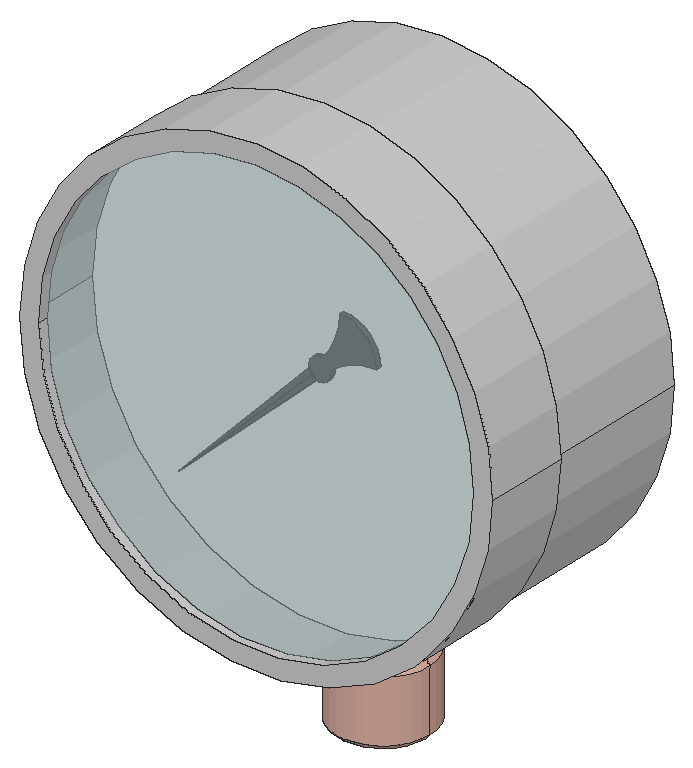
Revit family "РОСМА_МанометрСтандартногоИсполнения_М2", category Арматура трубопроводов, Revit 2018
Family settings
  Размер круглого соединителя = Использовать диаметр
  Тип детали = Вставляется
  На основе рабочей плоскости = Нет
  Всегда вертикально = Да
  При загрузке вырезать с полостями = Нет
  Общий = Нет
Parameters (values of type "ТМ-510Р")
  Техническая документация = "ТУ 4212-001-4719015564-2008; ГОСТ 2405–88"  # constant formula
  Таблица поиска = "Манометр стандартного исполнения М2"  # constant formula
  Счетчик списка [instance] = if(Диапазон давлений = Давление01, 1, if(Диапазон давлений = Давление02, 2, if(Диапазон давлений = Давление03, 3, if(Диапазон давлений = Давление04, 4, if(Диапазон давлений = Давление05, 5, if(Диапазон давлений = Давление06, 6, if(Диапазон давлений = Давление07, 7, if(Диапазон давлений = Давление08, 8, 9))))))))  # 2
  Присоединение = "Радиальное"
  Описание = "Манометр показывающий ТМ серия 10, модель 2,  стандартного исполнения с облегченным штуцером, рекомендована для объектов ЖКХ"  # constant formula
  МетрРезьба [instance] = if(Метрическа резьба, 1, 0)  # 1
  Межповерочный интервал = "2 года"  # constant formula
  Код IP = "IP40"
  Климатическое исполнение = "Группа В3; климат. исполн. УХЛ кат. 3.1 "  # constant formula
  Класс точности = "1.5"
  Изготовитель = "ЗАО \"РОСМА\""
  Метрическа резьба [instance] = not(Дюймовая резьба)  # yes
  Дюймовая резьба [instance] = no
  Ду [instance] = DN  # 15 mm
  Диапазон раб. температур окр. среды = "от -60°С до +60°С"  # constant formula
  Диапазон раб. температур измер. среды = "от -50°С до +150°С"  # constant formula
  G = 20 mm
  Dполости_переднСт = D2 - 6 mm  # 92 mm
  Drezba [instance] = if(Метрическа резьба, "M20", "G1/2")  # "M20"
  DN = 15.00 mm
  Длина стрелки [instance] = 40 mm  # constant formula
  Диапазон давлений [instance] = ‎ : ТМ 0…0,4МПа
  Давление08 = ‎ : ТМ 0…6МПа
  Давление07 = ‎ : ТМ 0…4МПа
  Давление06 = ‎ : ТМ 0…2,5МПа
  Давление05 = ‎ : ТМ 0…1,6МПа
  Давление04 = ‎ : ТМ 0…1,0МПа
  Давление03 = ‎ : ТМ 0…0,6МПа
  Давление02 = ‎ : ТМ 0…0,4МПа
  Давление01 = ‎ : ТМ 0…0,25МПа
  Группа модели = "Оборудование"
  h = 74 mm
  f = 11 mm
  e = 20 mm
  b = 34 mm
  URL = "https://rosma.spb.ru/manometers/standartnoe_ispolnenie_model_2/"
  Table = "спец_10серия_М2"  # constant formula
  S = 14 mm
  Rg2 [instance] = S / 2 + 6 mm  # 13 mm
  Rg1 [instance] = S / 2 + 2 mm  # 9 mm
  R_лого = 0 mm
  R2_шкала = D / 2 - 10 mm  # 40 mm
  R1_шкала = D / 2 - 9 mm  # 41 mm
  Lrezba = 15 mm
  Lgol = 2 mm
  h гайки = 10 mm
  Dgol [instance] = G - 2 mm  # 18 mm
  Ddempfer [instance] = 6 mm  # constant formula
  D2 = 98 mm
  D1 = 100 mm
  D = 100 mm
  Copyright = "EPICON"  # constant formula
  Author (e-mail) = "project@epicon.biz"  # constant formula
  ADSK_Примечание [instance] = ""
  ADSK_Позиция [instance] = ""
  ADSK_Наименование [instance] = size_lookup(Table, "ADSK_Наименование", "Нет в каталоге", Счетчик списка)  # "Манометр ТМ серия 10 модель 2"
  ADSK_Масса_Текст [instance] = "0,27"  # constant formula
  ADSK_Марка [instance] = size_lookup(Table, "ADSK_Марка", "Нет в каталоге", Счетчик списка, МетрРезьба)  # "ТМ-510P.00(0-0,4МРа)М20x1,5.1,5.M2"
  ADSK_Количество = 1  # constant formula
  ADSK_Код изделия [instance] = " "
  ADSK_Завод-изготовитель [instance] = size_lookup(Table, "ADSK_Завод-изготовитель", "Нет в каталоге", Счетчик списка)  # "ЗАО \"РОСМА\""
  ADSK_Единица измерения = "шт."
Reference planes
  plane 1 "По центру (Вперед/Назад)": y = 0
  plane 2: z = 0
  plane 3 "По центру (Влево/Вправо)": x = 0
  plane 4 "b1": y = 15.6
  plane 5 "f2": y = -33.4
  plane 6 "f1": y = -15.6
  plane 7: z = 77
  plane 8 "стекло": y = -31.4
  plane 9 "Табло": y = -16.6
  plane 10 "sr": x = 7
  plane 11 "sl": x = -7
  plane 12 "sb": y = 7
  plane 13 "sf": y = -7
  plane 14 "низкорпуса": z = 10
  plane 15: z = -15
  plane 16: z = -17
Forms (mm)
  Extrusion 1, solid, material "_Медь", detail levels fine
    sketch origin (0, 0, 10) x (-1, 0, 0) y (0, -1, 0)
      loop
        line (7, -7) -> (7, 7) -> (-7, 7) -> (-7, -7) -> (7, -7)
    from 0 to -10
  Extrusion 2, void
    sketch origin (0, 0, 10) x (-1, 0, 0) y (0, -1, 0)
      loop
        circle (0, 0) r 9
      loop
        circle (0, 0) r 13
    from 0 to -10
  Extrusion 3, solid, material "_Медь", detail levels fine
    sketch origin (0, 0, 10) x (-1, 0, 0) y (0, -1, 0)
      loop
        circle (0, 0) r 10
    from -10 to -25
  Sweep 4, void
    path in 3D
      loop
        arc (-10, 0, -15) -> (0, -10, -15) -> (10, 0, -15) r 10
        arc (10, 0, -15) -> (0, 10, -15) -> (-10, 0, -15) r 10
    profile origin (0, 10, -15) x (0, 1, 0) y (0, 0, -1)
      loop
        line (0, 0) -> (-1.016, 0) -> (0, -1.016) -> (0, 0)
  Sweep 5, void
    path in 3D
      loop
        arc (-10, 0, 0) -> (0, 10, 0) -> (10, 0, 0) r 10
        arc (10, 0, 0) -> (0, -10, 0) -> (-10, 0, 0) r 10
    profile origin (0, -10, 0) x (0, -1, 0) y (0, 0, 1)
      loop
        line (0, 0) -> (-1, 0) -> (0, -1) -> (0, 0)
  Extrusion 6, solid, material "_Медь", detail levels fine
    sketch origin (-21.391, -1524, 2) x (-1, 0, 0) y (0, -1, 0)
      loop
        circle (-21.391, -1524) r 3
    from -19 to -2
Cuts and joins
  Extrusion 2, Sweep 5 cuts Extrusion 1
  Sweep 4, Sweep 5 cuts Extrusion 3
  joined: Extrusion 1, Extrusion 3
Lines and regions (mm)
  reference lines
    curve 1: circle (0, 0, 0) r 13 normal (0, 0, 1)
    curve 2: circle (0, 0, 10) r 10 normal (0, 0, 1)
  sketch lines
    curve 3: arc (10, 0, -15) -> (0, 10, -15) -> (-10, 0, -15) r 10
    curve 4: arc (-10, 0, -15) -> (0, -10, -15) -> (10, 0, -15) r 10
    curve 5: arc (10, 0, 0) -> (0, -10, 0) -> (-10, 0, 0) r 10
    curve 6: arc (-10, 0, 0) -> (0, 10, 0) -> (10, 0, 0) r 10
Dimensions and locks
  plane 5 "f2" to plane 1 "По центру (Вперед/Назад)" = 33.4 mm
  plane 1 "По центру (Вперед/Назад)" to plane 6 "f1" = 15.6 mm
  plane 4 "b1" to plane 1 "По центру (Вперед/Назад)" = 15.6 mm
  plane 8 "стекло" to plane 5 "f2" = 2 mm
  locked: plane 6 "f1" to plane 9 "Табло" at 1
  plane 3 "По центру (Влево/Вправо)" to plane 10 "sr" = 7 mm
  plane 11 "sl" to plane 3 "По центру (Влево/Вправо)" = 7 mm
  plane 7 to plane 14 "низкорпуса" = 67 mm
  plane 7 to plane 15 = 92 mm
  "h гайки": plane 14 "низкорпуса" to plane 2
  equal spacing: plane 12 "sb", plane 1 "По центру (Вперед/Назад)", plane 13 "sf"
  equal spacing: plane 11 "sl", plane 3 "По центру (Влево/Вправо)", plane 10 "sr"
  "S": plane 11 "sl" to plane 10 "sr"
  "S": plane 12 "sb" to plane 13 "sf"
  "Lrezba": plane 2 to plane 15
  "Lgol": plane 15 to plane 16
  radius of curve 1 = 13 mm
  radius of curve 2 = 10 mm
  "Rg1": radius of Extrusion 2 sketch curve
  "Rg2": radius of Extrusion 2 sketch curve
  "G": diameter of Extrusion 3 sketch curve
  "Ddempfer": diameter of Extrusion 6 sketch curve
  aligned and locked: level to plane 2
  aligned and locked: plane 14 "низкорпуса" to cut or joined group of Extrusion 1, Extrusion 2, Extrusion 3, Sweep 4, Sweep 5
  aligned and locked: plane 14 "низкорпуса" to Extrusion 2
  aligned and locked: Extrusion 2 to Extrusion 1
  aligned and locked: cut or joined group of Extrusion 1, Extrusion 2, Extrusion 3, Sweep 4, Sweep 5 to plane 15
  aligned and locked: plane 2 to cut or joined group of Extrusion 1, Extrusion 2, Extrusion 3, Sweep 4, Sweep 5
  aligned and locked: Extrusion 6 to plane 16
  aligned and locked: cut or joined group of Extrusion 1, Extrusion 2, Extrusion 3, Sweep 4, Sweep 5 to plane 2
  aligned and locked: plane 3 "По центру (Влево/Вправо)" to nested 1
  aligned and locked: plane 1 "По центру (Вперед/Назад)" to nested 1
  aligned and locked: plane 2 to Extrusion 6
  aligned and locked: plane 10 "sr" to Extrusion 1
  aligned and locked: Extrusion 1 to plane 13 "sf"
  aligned and locked: Extrusion 1 to plane 11 "sl"
  aligned and locked: plane 12 "sb" to Extrusion 1
  aligned and locked: plane 3 "По центру (Влево/Вправо)" to nested 2
  aligned and locked: plane 1 "По центру (Вперед/Назад)" to nested 2
Automatic sketch dimensions
  plane 1 "По центру (Вперед/Назад)" to curve 1 = 0 mm
  curve 1 to plane 3 "По центру (Влево/Вправо)" = 0 mm
  plane 10 "sr" to Extrusion 1 sketch curve = 0 mm
  Extrusion 1 sketch curve to plane 11 "sl" = 0 mm
  Extrusion 1 sketch curve to plane 12 "sb" = 0 mm
  Extrusion 1 sketch curve to plane 13 "sf" = 0 mm
  plane 1 "По центру (Вперед/Назад)" to curve 2 = 0 mm
  curve 2 to plane 3 "По центру (Влево/Вправо)" = 0 mm
  profile plane to Sweep 4 sketch curve = 0 mm
  Sweep 4 sketch curve to profile plane = 0 mm
  profile plane to Sweep 4 sketch curve = 1.016 mm
  Sweep 4 sketch curve to profile plane = 1.016 mm
  Sweep 5 sketch curve to profile plane = 0 mm  (x2)
  profile plane to Sweep 5 sketch curve = 1 mm
  Sweep 5 sketch curve to profile plane = 1 mm
  Extrusion 2 sketch curve to Extrusion 2 sketch curve = 0 mm  (x2)
  plane 1 "По центру (Вперед/Назад)" to Extrusion 2 sketch curve = 0 mm
  Extrusion 2 sketch curve to plane 3 "По центру (Влево/Вправо)" = 0 mm
  plane 1 "По центру (Вперед/Назад)" to Extrusion 3 sketch curve = 0 mm
  Extrusion 3 sketch curve to plane 3 "По центру (Влево/Вправо)" = 0 mm
  plane 1 "По центру (Вперед/Назад)" to Extrusion 6 sketch curve = 0 mm
  Extrusion 6 sketch curve to plane 3 "По центру (Влево/Вправо)" = 0 mm
Nested families
  nested 1: "Корпус манометра_ТМ510-М2" at (0, 0, 59), D1 <- "D1", D2 <- "D2", Диаметр полости <- "D2", R1_шкала <- "R1_шкала", R2_шкала <- "R2_шкала", Длина стрелки <- "Длина стрелки", Dполости_переднСт <- "Dполости_переднСт", type "ТМ-510P", detail levels fine
    with Угол раскрытия 0.00°, Длина стрелки 40 mm, Диаметр полости 98 mm, R_лого 21.217 mm, R2_шкала 40 mm, R1_шкала 41 mm, N2_шкала 0, N1_шкала 0, Dполости_переднСт 92 mm, D2 98 mm, D1 100 mm
  nested 2: "DAA_УГО_МанометрПоказывающий_ГОСТ21.208-2013" at (0, 0, 0), type "DAA_УГО_МанометрПоказывающий_ГОСТ21.208-2013", detail levels coarse+medium
Connectors
  piping at (0, 0, 0), diameter 15, driven by "DN"
    settings: on Extrusion 6, index 1, connector inside diameter 609.6 mm, connector length 0 mm, flow factor 0, pipe flow 0.0 L/s, pressure drop 0 MPa, fitting loss kfactor 0, connector angle 0.00°, fixture units 0, engagement length 0 mm, angle of deflection 0.00°, flow configuration 0, flow direction 0, fitting loss method 0, system type 7, joint type 0, gender type 0, connector reference index -1, connector utility 0, adjustable connector no, is connector primary yes, connector description ""
Definition of nested family "Корпус манометра_ТМ510-М2"
  Parameters (values of type "ТМ-510P")
    блок = 3 mm
    Угол раскрытия [instance] = 0.00°
    Description = ""
    Материал корпуса [instance] = none
    Manufacturer = ""
    Длина стрелки [instance] = 30.999 mm
    Диаметр полости [instance] = 88 mm
    Model = ""
    URL = ""
    R_лого [instance] = 23 mm
    R2_шкала [instance] = 35 mm
    N2_шкала [instance] = 9
    N1_шкала [instance] = 89
    Dполости_переднСт [instance] = 82 mm
    D2 [instance] = 98 mm
    D1 [instance] = 100 mm
    Copyright = "ЭПИКОН"  # constant formula
    Author (e-mail) = "https://epicon.biz"  # constant formula
    R1_шкала [instance] = 36 mm
  Reference planes
    plane 1 "По центру (Вперед/Назад)": y = 0
    plane 2: z = 0
    plane 3 "По центру (Влево/Вправо)": x = 0
    plane 4 "b1": y = 15.6
    plane 5 "f2": y = -33.4
    plane 6 "f1": y = -15.6
    plane 7: z = 71
    plane 8 "стекло": y = -31.4
    plane 9 "Табло": y = -16.6
    plane 10 "sr": x = 11
    plane 11 "sl": x = -11
    plane 12 "sb": y = 11
    plane 13 "sf": y = -11
    plane 14: z = -49
    plane 15: through (-2.116, -1524, -0.789) normal (0.7071, 0, 0.7071)
    plane 16: through (0, -1524, 0) normal (0.7071, 0, -0.7071)
    plane 17: through (0, -1524, 0) normal (0.7071, 0, -0.7071)
    plane 18: through (-26.127, -1524, -20.617) normal (0.7071, 0, 0.7071)
    plane 19: y = 15.6
  Forms (mm)
    Extrusion 1, void
      sketch origin (-603.868, 0, -179.968) x (1, 0, 0) y (0, 0, 1)
        loop
          circle (603.868, 179.968) r 44
      from 15.6 to 31.4
    Extrusion 2, solid, detail levels fine
      sketch origin (-355.068, -31.4, -174.854) x (-1, 0, 0) y (0, 0, 1)
        loop
          circle (-355.068, 174.854) r 44
      from 0 to 2
    Extrusion 3, solid, material <- "Материал корпуса", detail levels fine
      sketch origin (-402.089, 0, -169.881) x (1, 0, 0) y (0, 0, 1)
        loop
          circle (402.089, 169.881) r 50
      from 15.6 to 33.4
    Extrusion 4, solid, material <- "Материал корпуса", detail levels fine
      sketch origin (-312.609, 0, -285.527) x (1, 0, 0) y (0, 0, 1)
        loop
          circle (312.609, 285.527) r 49
      from -15.6 to 15.6
    Extrusion 5, solid, detail levels fine
      sketch origin (-55.684, -16.6, 0) x (-1, 0, 0) y (0, 0, 1)
        loop
          arc (-56.075, 2.339) -> (-58.877, 6.819) -> (-59.807, 12.021) r 13.923
          arc (-59.807, 12.021) -> (-65.373, 9.716) -> (-67.678, 4.15) r 7.871
          arc (-67.678, 4.15) -> (-62.461, 3.301) -> (-58.013, 0.444) r 12.998
          arc (-58.013, 0.444) -> (-54.026, -1.695) -> (-56.075, 2.339) r 2.371
      from 0 to 1
    Extrusion 6, solid
      sketch origin (0, -16.6, 0) x (-1, 0, 0) y (0, 0, 1)
        loop
          line (23.372, -23.372) -> (2.291, -0.614) -> (1.452, -1.452) -> (23.372, -23.372)
      from 0 to 1
    Extrusion 7, solid
      sketch origin (0, -16.6, 0) x (0, 0, -1) y (-1, 0, 0)
        loop
          line (23.372, 23.372) -> (1.452, 1.452) -> (2.291, 0.614) -> (23.372, 23.372)
      from 0 to 1
    Extrusion 8, void
      sketch origin (0, -16.6, 0) x (-1, 0, 0) y (0, 0, 1)
        loop
          circle (0, 0) r 41
      from -16.8 to -14.8
  Cuts and joins
    Extrusion 1, Extrusion 8 cuts Extrusion 3
  Lines and regions (mm)
    model lines
      curve 1: line (-10.444, -16.6, -32.314) -> (-10.444, -16.6, -36.783)
      curve 2: line (-10.444, -16.6, -36.783) -> (-9.365, -16.6, -36.783)
      curve 3: line (-9.365, -16.6, -36.783) -> (-9.365, -16.6, -35.492)
      curve 4: line (-9.365, -16.6, -35.492) -> (-8.314, -16.6, -35.492)
      curve 5: line (-8.536, -16.6, -32.314) -> (-10.444, -16.6, -32.314)
      curve 6: arc (-8.536, -16.6, -32.314) -> (-7.174, -16.6, -33.816) -> (-8.314, -16.6, -35.492) r 1.639
      curve 7: line (-8.659, -16.6, -33.072) -> (-9.521, -16.6, -33.072)
      curve 8: line (-9.521, -16.6, -33.072) -> (-9.521, -16.6, -34.629)
      curve 9: line (-9.521, -16.6, -34.629) -> (-8.659, -16.6, -34.629)
      curve 10: arc (-8.659, -16.6, -33.072) -> (-7.88, -16.6, -33.851) -> (-8.659, -16.6, -34.629) r 0.779
      curve 11: circle (-4.536, -16.6, -34.629) r 2.25 normal (0, 1, 0)
      curve 12: circle (-4.536, -16.6, -34.629) r 1.301 normal (0, 1, 0)
      curve 13: arc (1.582, -16.6, -33.657) -> (-0.814, -16.6, -34.562) -> (1.573, -16.6, -35.492) r 1.372
      curve 14: arc (2.212, -16.6, -36.074) -> (-1.764, -16.6, -34.55) -> (2.212, -16.6, -33.027) r 2.28
      curve 15: line (2.212, -16.6, -33.027) -> (1.582, -16.6, -33.657)
      curve 16: line (1.573, -16.6, -35.492) -> (2.212, -16.6, -36.074)
      curve 17: line (3.009, -16.6, -36.798) -> (3.009, -16.6, -32.23)
      curve 18: line (3.009, -16.6, -32.23) -> (4.131, -16.6, -32.23)
      curve 19: line (4.131, -16.6, -32.23) -> (5.406, -16.6, -34.845)
      curve 20: line (5.406, -16.6, -34.845) -> (6.738, -16.6, -32.23)
      curve 21: line (6.738, -16.6, -32.23) -> (7.781, -16.6, -32.23)
      curve 22: line (7.781, -16.6, -32.23) -> (7.781, -16.6, -36.798)
      curve 23: line (7.781, -16.6, -36.798) -> (6.81, -16.6, -36.798)
      curve 24: line (6.81, -16.6, -36.798) -> (6.81, -16.6, -34.728)
      curve 25: line (6.81, -16.6, -34.728) -> (5.87, -16.6, -36.233)
      curve 26: line (5.87, -16.6, -36.233) -> (4.982, -16.6, -36.233)
      curve 27: line (4.982, -16.6, -36.233) -> (4.057, -16.6, -34.693)
      curve 28: line (4.057, -16.6, -34.693) -> (4.057, -16.6, -36.798)
      curve 29: line (4.057, -16.6, -36.798) -> (3.009, -16.6, -36.798)
      curve 30: line (8.269, -16.6, -36.798) -> (9.472, -16.6, -32.311)
      curve 31: line (9.472, -16.6, -32.311) -> (10.923, -16.6, -32.311)
      curve 32: line (10.923, -16.6, -32.311) -> (12.125, -16.6, -36.798)
      curve 33: line (12.125, -16.6, -36.798) -> (11.153, -16.6, -36.798)
      curve 34: line (11.153, -16.6, -36.798) -> (10.802, -16.6, -35.654)
      curve 35: line (10.802, -16.6, -35.654) -> (9.607, -16.6, -35.654)
      curve 36: line (9.607, -16.6, -35.654) -> (9.256, -16.6, -36.798)
      curve 37: line (9.256, -16.6, -36.798) -> (8.269, -16.6, -36.798)
      curve 38: line (9.706, -16.6, -34.625) -> (10.67, -16.6, -34.625)
      curve 39: line (10.67, -16.6, -34.625) -> (10.225, -16.6, -33.177)
      curve 40: line (10.225, -16.6, -33.177) -> (9.706, -16.6, -34.625)
      curve 41: arc (0.05, -16.6, -20.481) -> (-2.756, -16.6, -24.929) -> (2.057, -16.6, -27.047) r 3.471
      curve 42: arc (0.012, -16.6, -18.243) -> (-4.858, -16.6, -25.89) -> (3.788, -16.6, -28.617) r 5.715
      curve 43: line (3.788, -16.6, -28.617) -> (2.057, -16.6, -27.047)
      curve 44: line (0.05, -16.6, -20.481) -> (0.05, -16.6, -21.703)
      curve 45: line (0.05, -16.6, -21.703) -> (2.924, -16.6, -19.291)
      curve 46: line (2.924, -16.6, -19.291) -> (0.05, -16.6, -16.879)
      curve 47: line (0.05, -16.6, -16.879) -> (0.012, -16.6, -18.243)
      curve 48: arc (3.708, -16.6, -18.164) -> (7.598, -16.6, -21.093) -> (4.989, -16.6, -25.205) r 3.59
      curve 49: arc (4.413, -16.6, -20.51) -> (5.311, -16.6, -21.776) -> (4.357, -16.6, -23) r 1.3
      curve 50: line (3.708, -16.6, -18.164) -> (5, -16.6, -19.328)
      curve 51: line (5, -16.6, -19.328) -> (3.657, -16.6, -20.496)
      curve 52: line (3.657, -16.6, -20.496) -> (4.413, -16.6, -20.51)
      curve 53: line (4.357, -16.6, -23) -> (1.055, -16.6, -23)
      curve 54: line (1.055, -16.6, -23) -> (0.258, -16.6, -23.797)
      curve 55: line (0.258, -16.6, -23.797) -> (5.967, -16.6, -29.505)
      curve 56: line (5.967, -16.6, -29.505) -> (7.214, -16.6, -27.43)
      curve 57: line (7.214, -16.6, -27.43) -> (4.989, -16.6, -25.205)
      curve 274: line (10.608, 15.6, -19.948) -> (10.608, 15.6, -24.417)
      curve 275: line (10.608, 15.6, -24.417) -> (9.529, 15.6, -24.417)
      curve 276: line (9.529, 15.6, -24.417) -> (9.529, 15.6, -23.126)
      curve 277: line (9.529, 15.6, -23.126) -> (8.478, 15.6, -23.126)
      curve 278: line (8.7, 15.6, -19.948) -> (10.608, 15.6, -19.948)
      curve 279: arc (8.7, 15.6, -19.948) -> (7.338, 15.6, -21.45) -> (8.478, 15.6, -23.126) r 1.639
      curve 280: line (8.823, 15.6, -20.706) -> (9.685, 15.6, -20.706)
      curve 281: line (9.685, 15.6, -20.706) -> (9.685, 15.6, -22.264)
      curve 282: line (9.685, 15.6, -22.264) -> (8.823, 15.6, -22.264)
      curve 283: arc (8.823, 15.6, -20.706) -> (8.044, 15.6, -21.485) -> (8.823, 15.6, -22.264) r 0.779
      curve 284: circle (4.701, 15.6, -22.264) r 2.25 normal (0, -1, 0)
      curve 285: circle (4.701, 15.6, -22.264) r 1.301 normal (0, -1, 0)
      curve 286: arc (-1.418, 15.6, -21.291) -> (0.978, 15.6, -22.196) -> (-1.408, 15.6, -23.126) r 1.372
      curve 287: arc (-2.048, 15.6, -23.708) -> (1.928, 15.6, -22.184) -> (-2.048, 15.6, -20.661) r 2.28
      curve 288: line (-2.048, 15.6, -20.661) -> (-1.418, 15.6, -21.291)
      curve 289: line (-1.408, 15.6, -23.126) -> (-2.048, 15.6, -23.708)
      curve 290: line (-2.845, 15.6, -24.433) -> (-2.845, 15.6, -19.864)
      curve 291: line (-2.845, 15.6, -19.864) -> (-3.966, 15.6, -19.864)
      curve 292: line (-3.966, 15.6, -19.864) -> (-5.242, 15.6, -22.479)
      curve 293: line (-5.242, 15.6, -22.479) -> (-6.574, 15.6, -19.864)
      curve 294: line (-6.574, 15.6, -19.864) -> (-7.617, 15.6, -19.864)
      curve 295: line (-7.617, 15.6, -19.864) -> (-7.617, 15.6, -24.433)
      curve 296: line (-7.617, 15.6, -24.433) -> (-6.646, 15.6, -24.433)
      curve 297: line (-6.646, 15.6, -24.433) -> (-6.646, 15.6, -22.363)
      curve 298: line (-6.646, 15.6, -22.363) -> (-5.706, 15.6, -23.867)
      curve 299: line (-5.706, 15.6, -23.867) -> (-4.818, 15.6, -23.867)
      curve 300: line (-4.818, 15.6, -23.867) -> (-3.893, 15.6, -22.327)
      curve 301: line (-3.893, 15.6, -22.327) -> (-3.893, 15.6, -24.433)
      curve 302: line (-3.893, 15.6, -24.433) -> (-2.845, 15.6, -24.433)
      curve 303: line (-8.105, 15.6, -24.433) -> (-9.307, 15.6, -19.945)
      curve 304: line (-9.307, 15.6, -19.945) -> (-10.758, 15.6, -19.945)
      curve 305: line (-10.758, 15.6, -19.945) -> (-11.961, 15.6, -24.433)
      curve 306: line (-11.961, 15.6, -24.433) -> (-10.989, 15.6, -24.433)
      curve 307: line (-10.989, 15.6, -24.433) -> (-10.638, 15.6, -23.288)
      curve 308: line (-10.638, 15.6, -23.288) -> (-9.443, 15.6, -23.288)
      curve 309: line (-9.443, 15.6, -23.288) -> (-9.092, 15.6, -24.433)
      curve 310: line (-9.092, 15.6, -24.433) -> (-8.105, 15.6, -24.433)
      curve 311: line (-9.541, 15.6, -22.259) -> (-10.505, 15.6, -22.259)
      curve 312: line (-10.505, 15.6, -22.259) -> (-10.061, 15.6, -20.811)
      curve 313: line (-10.061, 15.6, -20.811) -> (-9.541, 15.6, -22.259)
      curve 314: arc (0.115, 15.6, -8.115) -> (2.92, 15.6, -12.563) -> (-1.893, 15.6, -14.681) r 3.471
      curve 315: arc (0.152, 15.6, -5.877) -> (5.022, 15.6, -13.524) -> (-3.624, 15.6, -16.252) r 5.715
      curve 316: line (-3.624, 15.6, -16.252) -> (-1.893, 15.6, -14.681)
      curve 317: line (0.115, 15.6, -8.115) -> (0.115, 15.6, -9.337)
      curve 318: line (0.115, 15.6, -9.337) -> (-2.76, 15.6, -6.925)
      curve 319: line (-2.76, 15.6, -6.925) -> (0.115, 15.6, -4.513)
      curve 320: line (0.115, 15.6, -4.513) -> (0.152, 15.6, -5.877)
      curve 321: arc (-3.543, 15.6, -5.798) -> (-7.434, 15.6, -8.727) -> (-4.825, 15.6, -12.839) r 3.59
      curve 322: arc (-4.249, 15.6, -8.144) -> (-5.147, 15.6, -9.41) -> (-4.193, 15.6, -10.634) r 1.3
      curve 323: line (-3.543, 15.6, -5.798) -> (-4.836, 15.6, -6.962)
      curve 324: line (-4.836, 15.6, -6.962) -> (-3.493, 15.6, -8.13)
      curve 325: line (-3.493, 15.6, -8.13) -> (-4.249, 15.6, -8.144)
      curve 326: line (-4.193, 15.6, -10.634) -> (-0.891, 15.6, -10.634)
      curve 327: line (-0.891, 15.6, -10.634) -> (-0.094, 15.6, -11.431)
      curve 328: line (-0.094, 15.6, -11.431) -> (-5.803, 15.6, -17.14)
      curve 329: line (-5.803, 15.6, -17.14) -> (-7.05, 15.6, -15.064)
      curve 330: line (-7.05, 15.6, -15.064) -> (-4.825, 15.6, -12.839)
    model lines, not visible
      curve 58: line (-9.531, -16.6, -12.145) -> (-9.531, -16.6, -16.614)
      curve 59: line (-9.531, -16.6, -16.614) -> (-8.451, -16.6, -16.614)
      curve 60: line (-8.451, -16.6, -16.614) -> (-8.451, -16.6, -15.323)
      curve 61: line (-8.451, -16.6, -15.323) -> (-7.401, -16.6, -15.323)
      curve 62: line (-7.623, -16.6, -12.145) -> (-9.531, -16.6, -12.145)
      curve 63: arc (-7.623, -16.6, -12.145) -> (-6.261, -16.6, -13.647) -> (-7.401, -16.6, -15.323) r 1.639
      curve 64: line (-7.745, -16.6, -12.903) -> (-8.608, -16.6, -12.903)
      curve 65: line (-8.608, -16.6, -12.903) -> (-8.608, -16.6, -14.461)
      curve 66: line (-8.608, -16.6, -14.461) -> (-7.745, -16.6, -14.461)
      curve 67: arc (-7.745, -16.6, -12.903) -> (-6.967, -16.6, -13.682) -> (-7.745, -16.6, -14.461) r 0.779
      curve 68: circle (-3.623, -16.6, -14.461) r 2.25 normal (0, 1, 0)
      curve 69: circle (-3.623, -16.6, -14.461) r 1.301 normal (0, 1, 0)
      curve 70: arc (2.495, -16.6, -13.488) -> (0.099, -16.6, -14.393) -> (2.486, -16.6, -15.323) r 1.372
      curve 71: arc (3.125, -16.6, -15.905) -> (-0.85, -16.6, -14.381) -> (3.125, -16.6, -12.858) r 2.28
      curve 72: line (3.125, -16.6, -12.858) -> (2.495, -16.6, -13.488)
      curve 73: line (2.486, -16.6, -15.323) -> (3.125, -16.6, -15.905)
      curve 74: line (3.922, -16.6, -16.63) -> (3.922, -16.6, -12.061)
      curve 75: line (3.922, -16.6, -12.061) -> (5.044, -16.6, -12.061)
      curve 76: line (5.044, -16.6, -12.061) -> (6.319, -16.6, -14.676)
      curve 77: line (6.319, -16.6, -14.676) -> (7.651, -16.6, -12.061)
      curve 78: line (7.651, -16.6, -12.061) -> (8.695, -16.6, -12.061)
      curve 79: line (8.695, -16.6, -12.061) -> (8.695, -16.6, -16.63)
      curve 80: line (8.695, -16.6, -16.63) -> (7.724, -16.6, -16.63)
      curve 81: line (7.724, -16.6, -16.63) -> (7.724, -16.6, -14.56)
      curve 82: line (7.724, -16.6, -14.56) -> (6.784, -16.6, -16.064)
      curve 83: line (6.784, -16.6, -16.064) -> (5.895, -16.6, -16.064)
      curve 84: line (5.895, -16.6, -16.064) -> (4.97, -16.6, -14.524)
      curve 85: line (4.97, -16.6, -14.524) -> (4.97, -16.6, -16.63)
      curve 86: line (4.97, -16.6, -16.63) -> (3.922, -16.6, -16.63)
      curve 87: line (9.182, -16.6, -16.63) -> (10.385, -16.6, -12.142)
      curve 88: line (10.385, -16.6, -12.142) -> (11.836, -16.6, -12.142)
      curve 89: line (11.836, -16.6, -12.142) -> (13.038, -16.6, -16.63)
      curve 90: line (13.038, -16.6, -16.63) -> (12.066, -16.6, -16.63)
      curve 91: line (12.066, -16.6, -16.63) -> (11.715, -16.6, -15.485)
      curve 92: line (11.715, -16.6, -15.485) -> (10.52, -16.6, -15.485)
      curve 93: line (10.52, -16.6, -15.485) -> (10.169, -16.6, -16.63)
      curve 94: line (10.169, -16.6, -16.63) -> (9.182, -16.6, -16.63)
      curve 95: line (10.619, -16.6, -14.456) -> (11.583, -16.6, -14.456)
      curve 96: line (11.583, -16.6, -14.456) -> (11.139, -16.6, -13.008)
      curve 97: line (11.139, -16.6, -13.008) -> (10.619, -16.6, -14.456)
      curve 98: arc (0.963, -16.6, -0.312) -> (-1.842, -16.6, -4.76) -> (2.97, -16.6, -6.878) r 3.471
      curve 99: arc (0.925, -16.6, 1.926) -> (-3.945, -16.6, -5.721) -> (4.701, -16.6, -8.449) r 5.715
      curve 100: line (4.701, -16.6, -8.449) -> (2.97, -16.6, -6.878)
      curve 101: line (0.963, -16.6, -0.312) -> (0.963, -16.6, -1.534)
      curve 102: line (0.963, -16.6, -1.534) -> (3.837, -16.6, 0.878)
      curve 103: line (3.837, -16.6, 0.878) -> (0.963, -16.6, 3.29)
      curve 104: line (0.963, -16.6, 3.29) -> (0.925, -16.6, 1.926)
      curve 105: arc (4.621, -16.6, 2.005) -> (8.512, -16.6, -0.924) -> (5.902, -16.6, -5.036) r 3.59
      curve 106: arc (5.326, -16.6, -0.341) -> (6.224, -16.6, -1.607) -> (5.27, -16.6, -2.831) r 1.3
      curve 107: line (4.621, -16.6, 2.005) -> (5.914, -16.6, 0.841)
      curve 108: line (5.914, -16.6, 0.841) -> (4.571, -16.6, -0.327)
      curve 109: line (4.571, -16.6, -0.327) -> (5.326, -16.6, -0.341)
      curve 110: line (5.27, -16.6, -2.831) -> (1.969, -16.6, -2.831)
      curve 111: line (1.969, -16.6, -2.831) -> (1.172, -16.6, -3.628)
      curve 112: line (1.172, -16.6, -3.628) -> (6.88, -16.6, -9.337)
      curve 113: line (6.88, -16.6, -9.337) -> (8.127, -16.6, -7.261)
      curve 114: line (8.127, -16.6, -7.261) -> (5.902, -16.6, -5.036)
      curve 115: line (97.62, 15.6, 6.514) -> (97.62, 15.6, 2.045)
      curve 116: line (97.62, 15.6, 2.045) -> (96.54, 15.6, 2.045)
      curve 117: line (96.54, 15.6, 2.045) -> (96.54, 15.6, 3.335)
      curve 118: line (96.54, 15.6, 3.335) -> (95.49, 15.6, 3.335)
      curve 119: line (95.712, 15.6, 6.514) -> (97.62, 15.6, 6.514)
      curve 120: arc (95.712, 15.6, 6.514) -> (94.35, 15.6, 5.012) -> (95.49, 15.6, 3.335) r 1.639
      curve 121: line (95.834, 15.6, 5.755) -> (96.697, 15.6, 5.755)
      curve 122: line (96.697, 15.6, 5.755) -> (96.697, 15.6, 4.198)
      curve 123: line (96.697, 15.6, 4.198) -> (95.834, 15.6, 4.198)
      curve 124: arc (95.834, 15.6, 5.755) -> (95.056, 15.6, 4.977) -> (95.834, 15.6, 4.198) r 0.779
      curve 125: circle (91.712, 15.6, 4.198) r 2.25 normal (0, -1, 0)
      curve 126: circle (91.712, 15.6, 4.198) r 1.301 normal (0, -1, 0)
      curve 127: arc (85.593, 15.6, 5.171) -> (87.99, 15.6, 4.265) -> (85.603, 15.6, 3.335) r 1.372
      curve 128: arc (84.964, 15.6, 2.754) -> (88.939, 15.6, 4.277) -> (84.964, 15.6, 5.801) r 2.28
      curve 129: line (84.964, 15.6, 5.801) -> (85.593, 15.6, 5.171)
      curve 130: line (85.603, 15.6, 3.335) -> (84.964, 15.6, 2.754)
      curve 131: line (84.167, 15.6, 2.029) -> (84.167, 15.6, 6.597)
      curve 132: line (84.167, 15.6, 6.597) -> (83.045, 15.6, 6.597)
      curve 133: line (83.045, 15.6, 6.597) -> (81.77, 15.6, 3.983)
      curve 134: line (81.77, 15.6, 3.983) -> (80.438, 15.6, 6.597)
      curve 135: line (80.438, 15.6, 6.597) -> (79.394, 15.6, 6.597)
      curve 136: line (79.394, 15.6, 6.597) -> (79.394, 15.6, 2.029)
      curve 137: line (79.394, 15.6, 2.029) -> (80.365, 15.6, 2.029)
      curve 138: line (80.365, 15.6, 2.029) -> (80.365, 15.6, 4.099)
      curve 139: line (80.365, 15.6, 4.099) -> (81.305, 15.6, 2.595)
      curve 140: line (81.305, 15.6, 2.595) -> (82.194, 15.6, 2.595)
      curve 141: line (82.194, 15.6, 2.595) -> (83.119, 15.6, 4.134)
      curve 142: line (83.119, 15.6, 4.134) -> (83.119, 15.6, 2.029)
      curve 143: line (83.119, 15.6, 2.029) -> (84.167, 15.6, 2.029)
      curve 144: line (78.906, 15.6, 2.029) -> (77.704, 15.6, 6.517)
      curve 145: line (77.704, 15.6, 6.517) -> (76.253, 15.6, 6.517)
      curve 146: line (76.253, 15.6, 6.517) -> (75.05, 15.6, 2.029)
      curve 147: line (75.05, 15.6, 2.029) -> (76.023, 15.6, 2.029)
      curve 148: line (76.023, 15.6, 2.029) -> (76.374, 15.6, 3.173)
      curve 149: line (76.374, 15.6, 3.173) -> (77.569, 15.6, 3.173)
      curve 150: line (77.569, 15.6, 3.173) -> (77.92, 15.6, 2.029)
      curve 151: line (77.92, 15.6, 2.029) -> (78.906, 15.6, 2.029)
      curve 152: line (77.47, 15.6, 4.202) -> (76.506, 15.6, 4.202)
      curve 153: line (76.506, 15.6, 4.202) -> (76.95, 15.6, 5.65)
      curve 154: line (76.95, 15.6, 5.65) -> (77.47, 15.6, 4.202)
      curve 155: arc (87.126, 15.6, 18.346) -> (89.931, 15.6, 13.899) -> (85.119, 15.6, 11.78) r 3.471
      curve 156: arc (87.164, 15.6, 20.585) -> (92.034, 15.6, 12.938) -> (83.388, 15.6, 10.21) r 5.715
      curve 157: line (83.388, 15.6, 10.21) -> (85.119, 15.6, 11.78)
      curve 158: line (87.126, 15.6, 18.346) -> (87.126, 15.6, 17.124)
      curve 159: line (87.126, 15.6, 17.124) -> (84.252, 15.6, 19.536)
      curve 160: line (84.252, 15.6, 19.536) -> (87.126, 15.6, 21.948)
      curve 161: line (87.126, 15.6, 21.948) -> (87.164, 15.6, 20.585)
      curve 162: arc (83.468, 15.6, 20.663) -> (79.577, 15.6, 17.734) -> (82.187, 15.6, 13.622) r 3.59
      curve 163: arc (82.763, 15.6, 18.317) -> (81.865, 15.6, 17.051) -> (82.819, 15.6, 15.827) r 1.3
      curve 164: line (83.468, 15.6, 20.663) -> (82.175, 15.6, 19.499)
      curve 165: line (82.175, 15.6, 19.499) -> (83.518, 15.6, 18.332)
      curve 166: line (83.518, 15.6, 18.332) -> (82.763, 15.6, 18.317)
      curve 167: line (82.819, 15.6, 15.827) -> (86.12, 15.6, 15.827)
      curve 168: line (86.12, 15.6, 15.827) -> (86.917, 15.6, 15.03)
      curve 169: line (86.917, 15.6, 15.03) -> (81.209, 15.6, 9.322)
      curve 170: line (81.209, 15.6, 9.322) -> (79.962, 15.6, 11.397)
      curve 171: line (79.962, 15.6, 11.397) -> (82.187, 15.6, 13.622)
    model lines, detail levels fine
      curve 172: line (28.213, -16.6, -28.354) -> (26.418, -16.6, -26.559)
      curve 173: line (-28.354, -16.6, -28.213) -> (-26.559, -16.6, -26.418)
      curve 174: line (29.672, -16.6, -26.823) -> (27.785, -16.6, -25.126)
      curve 175: line (31.049, -16.6, -25.217) -> (29.074, -16.6, -23.622)
      curve 176: line (32.385, -16.6, -23.476) -> (30.326, -16.6, -21.992)
      curve 177: line (33.595, -16.6, -21.709) -> (31.46, -16.6, -20.337)
      curve 178: line (34.709, -16.6, -19.88) -> (32.503, -16.6, -18.624)
      curve 179: line (35.723, -16.6, -17.994) -> (33.453, -16.6, -16.858)
      curve 180: line (36.635, -16.6, -16.056) -> (34.308, -16.6, -15.043)
      curve 181: line (37.442, -16.6, -14.072) -> (35.064, -16.6, -13.185)
      curve 182: line (38.142, -16.6, -12.048) -> (35.719, -16.6, -11.289)
      curve 183: line (38.732, -16.6, -9.989) -> (36.272, -16.6, -9.361)
      curve 184: line (39.211, -16.6, -7.902) -> (36.721, -16.6, -7.406)
      curve 185: line (39.578, -16.6, -5.792) -> (37.065, -16.6, -5.43)
      curve 186: line (39.831, -16.6, -3.665) -> (37.302, -16.6, -3.439)
      curve 187: line (39.97, -16.6, -1.528) -> (37.433, -16.6, -1.437)
      curve 188: line (39.994, -16.6, 0.614) -> (37.456, -16.6, 0.568)
      curve 189: line (39.904, -16.6, 2.754) -> (37.372, -16.6, 2.572)
      curve 190: line (39.7, -16.6, 4.885) -> (37.181, -16.6, 4.569)
      curve 191: line (39.381, -16.6, 7.003) -> (36.883, -16.6, 6.553)
      curve 192: line (38.95, -16.6, 9.101) -> (36.48, -16.6, 8.517)
      curve 193: line (38.407, -16.6, 11.173) -> (35.971, -16.6, 10.458)
      curve 194: line (37.754, -16.6, 13.213) -> (35.36, -16.6, 12.368)
      curve 195: line (36.993, -16.6, 15.214) -> (34.647, -16.6, 14.243)
      curve 196: line (36.125, -16.6, 17.173) -> (33.835, -16.6, 16.077)
      curve 197: line (35.154, -16.6, 19.082) -> (32.926, -16.6, 17.865)
      curve 198: line (34.083, -16.6, 20.936) -> (31.923, -16.6, 19.602)
      curve 199: line (32.913, -16.6, 22.73) -> (30.828, -16.6, 21.282)
      curve 200: line (31.649, -16.6, 24.459) -> (29.645, -16.6, 22.902)
      curve 201: line (30.295, -16.6, 26.118) -> (28.376, -16.6, 24.456)
      curve 202: line (28.853, -16.6, 27.702) -> (27.027, -16.6, 25.939)
      curve 203: line (27.329, -16.6, 29.207) -> (25.6, -16.6, 27.349)
      curve 204: line (25.727, -16.6, 30.628) -> (24.099, -16.6, 28.68)
      curve 205: line (24.051, -16.6, 31.961) -> (22.529, -16.6, 29.929)
      curve 206: line (22.306, -16.6, 33.202) -> (20.895, -16.6, 31.092)
      curve 207: line (20.496, -16.6, 34.349) -> (19.201, -16.6, 32.165)
      curve 208: line (18.629, -16.6, 35.396) -> (17.452, -16.6, 33.147)
      curve 209: line (16.707, -16.6, 36.343) -> (15.653, -16.6, 34.034)
      curve 210: line (14.738, -16.6, 37.185) -> (13.809, -16.6, 34.823)
      curve 211: line (12.727, -16.6, 37.92) -> (11.925, -16.6, 35.512)
      curve 212: line (10.679, -16.6, 38.547) -> (10.007, -16.6, 36.099)
      curve 213: line (8.6, -16.6, 39.064) -> (8.061, -16.6, 36.583)
      curve 214: line (6.497, -16.6, 39.468) -> (6.091, -16.6, 36.962)
      curve 215: line (4.375, -16.6, 39.759) -> (4.104, -16.6, 37.235)
      curve 216: line (2.241, -16.6, 39.936) -> (2.105, -16.6, 37.401)
      curve 217: line (0.1, -16.6, 39.999) -> (0.1, -16.6, 37.461)
      curve 218: line (-2.041, -16.6, 39.947) -> (-1.905, -16.6, 37.412)
      curve 219: line (-4.176, -16.6, 39.781) -> (-3.905, -16.6, 37.257)
      curve 220: line (-6.299, -16.6, 39.5) -> (-5.893, -16.6, 36.994)
      curve 221: line (-8.405, -16.6, 39.106) -> (-7.865, -16.6, 36.626)
      curve 222: line (-10.486, -16.6, 38.6) -> (-9.814, -16.6, 36.152)
      curve 223: line (-12.537, -16.6, 37.984) -> (-11.735, -16.6, 35.575)
      curve 224: line (-14.552, -16.6, 37.258) -> (-13.622, -16.6, 34.896)
      curve 225: line (-16.525, -16.6, 36.426) -> (-15.471, -16.6, 34.117)
      curve 226: line (-18.451, -16.6, 35.489) -> (-17.274, -16.6, 33.24)
      curve 227: line (-20.324, -16.6, 34.451) -> (-19.029, -16.6, 32.268)
      curve 228: line (-22.139, -16.6, 33.314) -> (-20.729, -16.6, 31.203)
      curve 229: line (-23.89, -16.6, 32.081) -> (-22.369, -16.6, 30.049)
      curve 230: line (-25.573, -16.6, 30.756) -> (-23.945, -16.6, 28.808)
      curve 231: line (-27.183, -16.6, 29.343) -> (-25.453, -16.6, 27.485)
      curve 232: line (-28.714, -16.6, 27.846) -> (-26.888, -16.6, 26.084)
      curve 233: line (-30.164, -16.6, 26.269) -> (-28.245, -16.6, 24.607)
      curve 234: line (-31.526, -16.6, 24.617) -> (-29.522, -16.6, 23.06)
      curve 235: line (-32.799, -16.6, 22.895) -> (-30.714, -16.6, 21.447)
      curve 236: line (-33.977, -16.6, 21.106) -> (-31.818, -16.6, 19.772)
      curve 237: line (-35.058, -16.6, 19.257) -> (-32.83, -16.6, 18.041)
      curve 238: line (-36.039, -16.6, 17.353) -> (-33.749, -16.6, 16.258)
      curve 239: line (-36.916, -16.6, 15.399) -> (-34.571, -16.6, 14.428)
      curve 240: line (-37.687, -16.6, 13.402) -> (-35.293, -16.6, 12.557)
      curve 241: line (-38.351, -16.6, 11.365) -> (-35.915, -16.6, 10.65)
      curve 242: line (-38.904, -16.6, 9.296) -> (-36.433, -16.6, 8.712)
      curve 243: line (-39.346, -16.6, 7.201) -> (-36.848, -16.6, 6.75)
      curve 244: line (-39.675, -16.6, 5.084) -> (-37.156, -16.6, 4.768)
      curve 245: line (-39.89, -16.6, 2.953) -> (-37.358, -16.6, 2.772)
      curve 246: line (-39.991, -16.6, 0.814) -> (-37.453, -16.6, 0.769)
      curve 247: line (-39.977, -16.6, -1.328) -> (-37.44, -16.6, -1.237)
      curve 248: line (-39.849, -16.6, -3.465) -> (-37.32, -16.6, -3.239)
      curve 249: line (-39.606, -16.6, -5.593) -> (-37.093, -16.6, -5.232)
      curve 250: line (-39.25, -16.6, -7.705) -> (-36.76, -16.6, -7.21)
      curve 251: line (-38.781, -16.6, -9.795) -> (-36.322, -16.6, -9.167)
      curve 252: line (-38.201, -16.6, -11.857) -> (-35.779, -16.6, -11.098)
      curve 253: line (-37.512, -16.6, -13.884) -> (-35.134, -16.6, -12.997)
      curve 254: line (-36.715, -16.6, -15.872) -> (-34.388, -16.6, -14.859)
      curve 255: line (-35.813, -16.6, -17.815) -> (-33.543, -16.6, -16.678)
      curve 256: line (-34.808, -16.6, -19.706) -> (-32.602, -16.6, -18.45)
      curve 257: line (-33.703, -16.6, -21.541) -> (-31.568, -16.6, -20.168)
      curve 258: line (-32.502, -16.6, -23.314) -> (-30.443, -16.6, -21.829)
      curve 259: line (-31.208, -16.6, -25.02) -> (-29.231, -16.6, -23.427)
      curve 260: line (-29.824, -16.6, -26.655) -> (-27.935, -16.6, -24.958)
      curve 261: line (26.55, -16.6, -26.55) -> (24.362, -16.6, -24.362)
      curve 262: line (-26.55, -16.6, -26.55) -> (-24.362, -16.6, -24.362)
      curve 263: line (36.826, -16.6, -7.325) -> (33.791, -16.6, -6.721)
      curve 264: line (34.689, -16.6, 14.369) -> (31.83, -16.6, 13.185)
      curve 265: line (20.86, -16.6, 31.219) -> (19.141, -16.6, 28.646)
      curve 266: line (0, -16.6, 37.547) -> (0, -16.6, 34.453)
      curve 267: line (-20.86, -16.6, 31.219) -> (-19.141, -16.6, 28.646)
      curve 268: line (-34.689, -16.6, 14.369) -> (-31.83, -16.6, 13.185)
      curve 269: line (-36.826, -16.6, -7.325) -> (-33.791, -16.6, -6.721)
    model lines, not visible, detail levels fine
      curve 270: line (248.297, -16.6, -114.05) -> (246.109, -16.6, -111.861)
      curve 271: line (264.809, -16.6, -130.703) -> (263.014, -16.6, -128.908)
    reference lines
      curve 272: line (-90.176, -16.6, 0) -> (118.621, -16.6, 0)
      curve 273: line (0, -16.6, 0) -> (-27.519, -16.6, -27.519)
  Dimensions and locks
    plane 5 "f2" to plane 1 "По центру (Вперед/Назад)" = 33.4 mm
    plane 1 "По центру (Вперед/Назад)" to plane 6 "f1" = 15.6 mm
    plane 4 "b1" to plane 1 "По центру (Вперед/Назад)" = 15.6 mm
    plane 8 "стекло" to plane 5 "f2" = 2 mm
    locked: plane 6 "f1" to plane 9 "Табло" at 1
    plane 3 "По центру (Влево/Вправо)" to plane 10 "sr" = 11 mm
    plane 11 "sl" to plane 3 "По центру (Влево/Вправо)" = 11 mm
    plane 1 "По центру (Вперед/Назад)" to plane 12 "sb" = 11 mm
    plane 13 "sf" to plane 1 "По центру (Вперед/Назад)" = 11 mm
    plane 7 to level = 71 mm
    "Длина стрелки": plane 15 to plane 18
    locked: Extrusion 6 to Extrusion 6 at 1.185
    locked: Extrusion 7 to Extrusion 7 at 1.185
    "R_лого": plane 2 to curve 53
    "Диаметр полости": diameter of Extrusion 2 sketch curve
    "Диаметр полости": diameter of Extrusion 1 sketch curve
    "D1": diameter of Extrusion 3 sketch curve
    "D2": diameter of Extrusion 4 sketch curve
    "R1_шкала": radius of radial array
    "R2_шкала": radius of radial array
    "Dполости_переднСт": diameter of Extrusion 8 sketch curve
    locked: plane 17 to plane 15 (angle 90.00°)
    locked: plane 17 to plane 18 (angle 90.00°)
    aligned and locked: level to plane 2
    aligned and locked: level to Extrusion 2 sketch curve
    aligned and locked: plane 3 "По центру (Влево/Вправо)" to Extrusion 4 sketch curve
    aligned and locked: level to Extrusion 4 sketch curve
    aligned and locked: plane 3 "По центру (Влево/Вправо)" to Extrusion 2 sketch curve
    aligned and locked: plane 3 "По центру (Влево/Вправо)" to Extrusion 3 sketch curve
    aligned and locked: level to Extrusion 3 sketch curve
    aligned and locked: plane 3 "По центру (Влево/Вправо)" to Extrusion 1 sketch curve
    aligned and locked: level to Extrusion 1 sketch curve
    aligned and locked: plane 17 to curve 273
    aligned and locked: plane 15 to Extrusion 7
    aligned and locked: plane 18 to Extrusion 7 sketch curve
    aligned and locked: Extrusion 1 to plane 8 "стекло"
    aligned and locked: plane 6 "f1" to Extrusion 1
    aligned and locked: plane 3 "По центру (Влево/Вправо)" to Extrusion 8 sketch curve
    aligned and locked: curve 272 to Extrusion 8 sketch curve
    aligned and locked: Extrusion 8 to plane 5 "f2"
    aligned and locked: plane 8 "стекло" to Extrusion 8
  Automatic sketch dimensions
    curve 11 to curve 12 = 0 mm  (x4)
    curve 32 to curve 33 = 0.972 mm
    curve 33 to curve 32 = 0.23 mm
    curve 33 to curve 35 = 0.351 mm
    curve 34 to curve 38 = 0.132 mm
    curve 31 to curve 39 = 0.697 mm
    curve 38 to curve 40 = 0.964 mm
    curve 38 to curve 36 = 0.099 mm
    curve 39 to curve 30 = 0.754 mm
    curve 35 to curve 36 = 0.351 mm
    curve 36 to curve 30 = 0.987 mm
    curve 30 to curve 21 = 1.69 mm
    curve 22 to curve 23 = 0.971 mm
    curve 21 to curve 21 = 1.043 mm
    curve 20 to curve 55 = 0.771 mm
    curve 23 to curve 25 = 0.94 mm
    curve 24 to curve 19 = 1.405 mm
    curve 55 to curve 50 = 0.966 mm
    curve 25 to curve 27 = 0.888 mm
    curve 50 to curve 52 = 0.588 mm
    curve 49 to curve 53 = 0.056 mm
    curve 20 to curve 19 = 2.608 mm
    curve 49 to curve 48 = 0.346 mm
    curve 19 to curve 28 = 1.349 mm
    curve 48 to curve 49 = 0.056 mm
    curve 55 to curve 43 = 2.179 mm
    curve 50 to curve 50 = 1.293 mm
    curve 49 to curve 52 = 0.756 mm
    curve 18 to curve 17 = 1.122 mm
    curve 48 to curve 45 = 0.784 mm
    curve 17 to curve 16 = 0.797 mm
    curve 17 to curve 15 = 0.797 mm
    curve 43 to curve 43 = 1.731 mm
    curve 14 to curve 15 = 0.63 mm
    curve 14 to curve 16 = 0.639 mm
    curve 49 to curve 53 = 2.956 mm
    curve 53 to curve 41 = 0.492 mm
    curve 16 to curve 13 = 1.015 mm
    curve 13 to curve 14 = 0.042 mm
    curve 41 to curve 42 = 0.052 mm
    curve 42 to curve 54 = 0.253 mm
    curve 53 to curve 44 = 1.006 mm
    curve 41 to curve 47 = 0 mm
    curve 46 to curve 47 = 0.038 mm
    curve 14 to curve 11 = 5.053 mm
    curve 11 to curve 4 = 3.778 mm
    curve 6 to curve 5 = 0.222 mm
    curve 6 to curve 7 = 0.122 mm
    curve 10 to curve 6 = 0.15 mm
    curve 4 to curve 3 = 1.051 mm
    curve 10 to curve 7 = 0.862 mm
    curve 2 to curve 1 = 1.079 mm
    curve 34 to curve 36 = 0 mm
    curve 24 to curve 30 = 0 mm
    curve 28 to curve 26 = 0.566 mm
    curve 17 to curve 16 = 0.725 mm
    curve 33 to curve 35 = 1.144 mm
    curve 2 to curve 4 = 1.29 mm
    curve 14 to curve 16 = 0.582 mm
    curve 26 to curve 20 = 1.388 mm
    curve 19 to curve 24 = 0.116 mm
    curve 19 to curve 28 = 0.151 mm
    curve 4 to curve 9 = 0.863 mm
    curve 6 to curve 12 = 0.863 mm
    curve 35 to curve 38 = 1.029 mm
    curve 16 to curve 13 = 0.923 mm
    curve 13 to curve 14 = 0.019 mm
    curve 10 to curve 6 = 0.7 mm
    curve 6 to curve 10 = 0.079 mm
    curve 38 to curve 40 = 1.448 mm
    curve 39 to curve 32 = 0.867 mm
    curve 15 to curve 17 = 0.797 mm
    curve 24 to curve 20 = 2.499 mm
    curve 20 to curve 55 = 2.724 mm
    curve 55 to curve 43 = 0.888 mm
    curve 43 to curve 43 = 1.57 mm
    curve 43 to curve 42 = 3.112 mm
    curve 42 to curve 41 = 0.021 mm
    curve 42 to curve 54 = 0.138 mm
    curve 49 to curve 49 = 1.253 mm
    curve 49 to curve 48 = 0.011 mm
    curve 44 to curve 41 = 1.222 mm
    curve 49 to curve 51 = 0.014 mm
    curve 52 to curve 51 = 1.182 mm
    curve 51 to curve 45 = 1.205 mm
    curve 45 to curve 50 = 1.127 mm
    curve 47 to curve 46 = 1.363 mm
    curve 56 to curve 55 = 1.247 mm
    curve 57 to curve 53 = 0.632 mm
    curve 55 to curve 56 = 2.075 mm
    curve 17 to curve 23 = 0 mm
    curve 2 to curve 14 = 2.232 mm
    curve 68 to curve 69 = 0 mm  (x4)
    curve 89 to curve 90 = 0.972 mm
    curve 90 to curve 89 = 0.23 mm
    curve 90 to curve 92 = 0.351 mm
    curve 91 to curve 95 = 0.132 mm
    curve 88 to curve 96 = 0.697 mm
    curve 95 to curve 97 = 0.964 mm
    curve 95 to curve 93 = 0.099 mm
    curve 96 to curve 87 = 0.754 mm
    curve 92 to curve 93 = 0.351 mm
    curve 93 to curve 87 = 0.987 mm
    curve 87 to curve 78 = 1.69 mm
    curve 79 to curve 80 = 0.971 mm
    curve 78 to curve 78 = 1.043 mm
    curve 77 to curve 112 = 0.771 mm
    curve 80 to curve 82 = 0.94 mm
    curve 81 to curve 76 = 1.405 mm
    curve 112 to curve 107 = 0.966 mm
    curve 82 to curve 84 = 0.888 mm
    curve 107 to curve 109 = 0.588 mm
    curve 106 to curve 110 = 0.056 mm
    curve 77 to curve 76 = 2.608 mm
    curve 106 to curve 105 = 0.346 mm
    curve 76 to curve 85 = 1.349 mm
    curve 105 to curve 106 = 0.056 mm
    curve 112 to curve 100 = 2.179 mm
    curve 107 to curve 107 = 1.293 mm
    curve 106 to curve 109 = 0.756 mm
    curve 75 to curve 74 = 1.122 mm
    curve 105 to curve 102 = 0.784 mm
    curve 74 to curve 73 = 0.797 mm
    curve 74 to curve 72 = 0.797 mm
    curve 100 to curve 100 = 1.731 mm
    curve 71 to curve 72 = 0.63 mm
    curve 71 to curve 73 = 0.639 mm
    curve 106 to curve 110 = 2.956 mm
    curve 110 to curve 98 = 0.492 mm
    curve 73 to curve 70 = 1.015 mm
    curve 70 to curve 71 = 0.042 mm
    curve 98 to curve 99 = 0.052 mm
    curve 99 to curve 111 = 0.253 mm
    curve 110 to curve 101 = 1.006 mm
    curve 98 to curve 104 = 0 mm
    curve 103 to curve 104 = 0.038 mm
    curve 71 to curve 68 = 5.053 mm
    curve 68 to curve 61 = 3.778 mm
    curve 63 to curve 62 = 0.222 mm
    curve 63 to curve 64 = 0.122 mm
    curve 67 to curve 63 = 0.15 mm
    curve 61 to curve 60 = 1.051 mm
    curve 67 to curve 64 = 0.862 mm
    curve 59 to curve 58 = 1.079 mm
    curve 91 to curve 93 = 0 mm
    curve 81 to curve 87 = 0 mm
    curve 85 to curve 83 = 0.566 mm
    curve 74 to curve 73 = 0.725 mm
    curve 90 to curve 92 = 1.144 mm
    curve 59 to curve 61 = 1.29 mm
    curve 71 to curve 73 = 0.582 mm
    curve 83 to curve 77 = 1.388 mm
    curve 76 to curve 81 = 0.116 mm
    curve 76 to curve 85 = 0.151 mm
    curve 61 to curve 66 = 0.863 mm
    curve 63 to curve 69 = 0.863 mm
    curve 92 to curve 95 = 1.029 mm
    curve 73 to curve 70 = 0.923 mm
    curve 70 to curve 71 = 0.019 mm
    curve 67 to curve 63 = 0.7 mm
    curve 63 to curve 67 = 0.079 mm
    curve 95 to curve 97 = 1.448 mm
    curve 96 to curve 89 = 0.867 mm
    curve 72 to curve 74 = 0.797 mm
    curve 81 to curve 77 = 2.499 mm
    curve 77 to curve 112 = 2.724 mm
    curve 112 to curve 100 = 0.888 mm
    curve 100 to curve 100 = 1.57 mm
    curve 100 to curve 99 = 3.112 mm
    curve 99 to curve 98 = 0.021 mm
    curve 99 to curve 111 = 0.138 mm
    curve 106 to curve 106 = 1.253 mm
    curve 106 to curve 105 = 0.011 mm
    curve 101 to curve 98 = 1.222 mm
    curve 106 to curve 108 = 0.014 mm
    curve 109 to curve 108 = 1.182 mm
    curve 108 to curve 102 = 1.205 mm
    curve 102 to curve 107 = 1.127 mm
    curve 104 to curve 103 = 1.363 mm
    curve 113 to curve 112 = 1.247 mm
    curve 114 to curve 110 = 0.632 mm
    curve 112 to curve 113 = 2.075 mm
    curve 74 to curve 80 = 0 mm
    curve 59 to curve 71 = 2.232 mm
    curve 125 to curve 126 = 0 mm  (x2)
    curve 115 to curve 122 = 0.923 mm
    curve 122 to curve 118 = 0.156 mm
    curve 122 to curve 120 = 0.712 mm
    curve 121 to curve 121 = 0.862 mm
    curve 121 to curve 119 = 0.122 mm
    curve 124 to curve 118 = 0.344 mm
    curve 120 to curve 126 = 3.778 mm
    curve 119 to curve 161 = 8.548 mm
    curve 156 to curve 158 = 0.038 mm
    curve 161 to curve 160 = 0.038 mm
    curve 158 to curve 168 = 0.209 mm
    curve 168 to curve 156 = 0.253 mm
    curve 125 to curve 128 = 5.053 mm
    curve 128 to curve 127 = 0.042 mm
    curve 156 to curve 155 = 0.052 mm
    curve 155 to curve 167 = 0.492 mm
    curve 127 to curve 130 = 1.015 mm
    curve 127 to curve 129 = 1.024 mm
    curve 155 to curve 157 = 1.493 mm
    curve 127 to curve 129 = 0.63 mm
    curve 127 to curve 130 = 0.639 mm
    curve 156 to curve 160 = 2.912 mm
    curve 129 to curve 132 = 0.797 mm
    curve 159 to curve 165 = 0.733 mm
    curve 159 to curve 164 = 0.784 mm
    curve 155 to curve 157 = 1.731 mm
    curve 165 to curve 163 = 0.354 mm
    curve 131 to curve 142 = 1.048 mm
    curve 163 to curve 162 = 0.056 mm
    curve 131 to curve 133 = 1.122 mm
    curve 162 to curve 167 = 0.29 mm
    curve 165 to curve 166 = 0.756 mm
    curve 142 to curve 140 = 0.925 mm
    curve 167 to curve 171 = 0.632 mm
    curve 163 to curve 164 = 0.588 mm
    curve 141 to curve 134 = 1.349 mm
    curve 140 to curve 139 = 0.888 mm
    curve 156 to curve 169 = 2.179 mm
    curve 132 to curve 135 = 2.608 mm
    curve 133 to curve 139 = 1.405 mm
    curve 169 to curve 171 = 1.247 mm
    curve 134 to curve 136 = 1.043 mm
    curve 136 to curve 151 = 0.488 mm
    curve 144 to curve 151 = 0.987 mm
    curve 135 to curve 145 = 1.69 mm
    curve 150 to curve 150 = 0.351 mm
    curve 149 to curve 152 = 0.099 mm
    curve 144 to curve 154 = 0.754 mm
    curve 152 to curve 153 = 0.964 mm
    curve 152 to curve 148 = 0.132 mm
    curve 153 to curve 145 = 0.697 mm
    curve 148 to curve 148 = 0.351 mm
    curve 147 to curve 147 = 0.972 mm
    curve 131 to curve 144 = 0 mm
    curve 136 to curve 144 = 0 mm
    curve 148 to curve 150 = 0 mm
    curve 131 to curve 116 = 0.016 mm
    curve 137 to curve 139 = 0.566 mm
    curve 131 to curve 130 = 0.725 mm
    curve 150 to curve 150 = 1.144 mm
    curve 116 to curve 117 = 1.29 mm
    curve 128 to curve 130 = 0.582 mm
    curve 140 to curve 134 = 1.388 mm
    curve 133 to curve 139 = 0.116 mm
    curve 133 to curve 142 = 0.151 mm
    curve 117 to curve 123 = 0.863 mm
    curve 120 to curve 126 = 0.863 mm
    curve 148 to curve 153 = 1.029 mm
    curve 130 to curve 127 = 0.923 mm
    curve 127 to curve 128 = 0.019 mm
    curve 123 to curve 120 = 0.7 mm
    curve 120 to curve 124 = 0.079 mm
    curve 152 to curve 153 = 1.448 mm
    curve 153 to curve 145 = 0.867 mm
    curve 144 to curve 136 = 0.081 mm
    curve 129 to curve 133 = 0.797 mm
    curve 134 to curve 169 = 2.724 mm
    curve 169 to curve 157 = 0.888 mm
    curve 169 to curve 170 = 2.075 mm
    curve 157 to curve 157 = 1.57 mm
    curve 170 to curve 171 = 2.225 mm
    curve 155 to curve 156 = 3.112 mm
    curve 156 to curve 155 = 0.021 mm
    curve 156 to curve 169 = 0.138 mm
    curve 163 to curve 163 = 1.253 mm
    curve 163 to curve 162 = 0.011 mm
    curve 159 to curve 155 = 1.222 mm
    curve 166 to curve 165 = 0.014 mm
    curve 163 to curve 165 = 1.182 mm
    curve 159 to curve 164 = 1.127 mm
    curve 161 to curve 160 = 1.363 mm
    curve 173 to curve 173 = 1.759 mm
    curve 173 to curve 173 = 1.831 mm
    curve 172 to curve 172 = 1.759 mm
    curve 172 to curve 172 = 1.831 mm
    curve 174 to curve 174 = 1.759 mm
    curve 174 to curve 174 = 1.831 mm
    curve 175 to curve 175 = 1.759 mm
    curve 175 to curve 175 = 1.831 mm
    curve 176 to curve 176 = 1.759 mm
    curve 176 to curve 176 = 1.831 mm
    curve 177 to curve 177 = 1.759 mm
    curve 177 to curve 177 = 1.831 mm
    curve 178 to curve 178 = 1.759 mm
    curve 178 to curve 178 = 1.831 mm
    curve 179 to curve 179 = 1.759 mm
    curve 179 to curve 179 = 1.831 mm
    curve 180 to curve 180 = 1.759 mm
    curve 180 to curve 180 = 1.831 mm
    curve 181 to curve 181 = 1.759 mm
    curve 181 to curve 181 = 1.831 mm
    curve 182 to curve 182 = 1.759 mm
    curve 182 to curve 182 = 1.831 mm
    curve 183 to curve 183 = 1.759 mm
    curve 183 to curve 183 = 1.831 mm
    curve 184 to curve 184 = 1.759 mm
    curve 184 to curve 184 = 1.831 mm
    curve 185 to curve 185 = 1.759 mm
    curve 185 to curve 185 = 1.831 mm
    curve 186 to curve 186 = 1.759 mm
    curve 186 to curve 186 = 1.831 mm
    curve 187 to curve 187 = 1.759 mm
    curve 187 to curve 187 = 1.831 mm
    curve 188 to curve 188 = 1.759 mm
    curve 188 to curve 188 = 1.831 mm
    curve 189 to curve 189 = 1.759 mm
    curve 189 to curve 189 = 1.831 mm
    curve 190 to curve 190 = 1.759 mm
    curve 190 to curve 190 = 1.831 mm
    curve 191 to curve 191 = 1.759 mm
    curve 191 to curve 191 = 1.831 mm
    curve 192 to curve 192 = 1.759 mm
    curve 192 to curve 192 = 1.831 mm
    curve 193 to curve 193 = 1.759 mm
    curve 193 to curve 193 = 1.831 mm
    curve 194 to curve 194 = 1.759 mm
    curve 194 to curve 194 = 1.831 mm
    curve 195 to curve 195 = 1.759 mm
    curve 195 to curve 195 = 1.831 mm
    curve 196 to curve 196 = 1.759 mm
    curve 196 to curve 196 = 1.831 mm
    curve 197 to curve 197 = 1.759 mm
    curve 197 to curve 197 = 1.831 mm
    curve 198 to curve 198 = 1.759 mm
    curve 198 to curve 198 = 1.831 mm
    curve 199 to curve 199 = 1.759 mm
    curve 199 to curve 199 = 1.831 mm
    curve 200 to curve 200 = 1.759 mm
    curve 200 to curve 200 = 1.831 mm
    curve 201 to curve 201 = 1.759 mm
    curve 201 to curve 201 = 1.831 mm
    curve 202 to curve 202 = 1.759 mm
    curve 202 to curve 202 = 1.831 mm
    curve 203 to curve 203 = 1.759 mm
    curve 203 to curve 203 = 1.831 mm
    curve 204 to curve 204 = 1.759 mm
    curve 204 to curve 204 = 1.831 mm
    curve 205 to curve 205 = 1.759 mm
    curve 205 to curve 205 = 1.831 mm
    curve 206 to curve 206 = 1.759 mm
